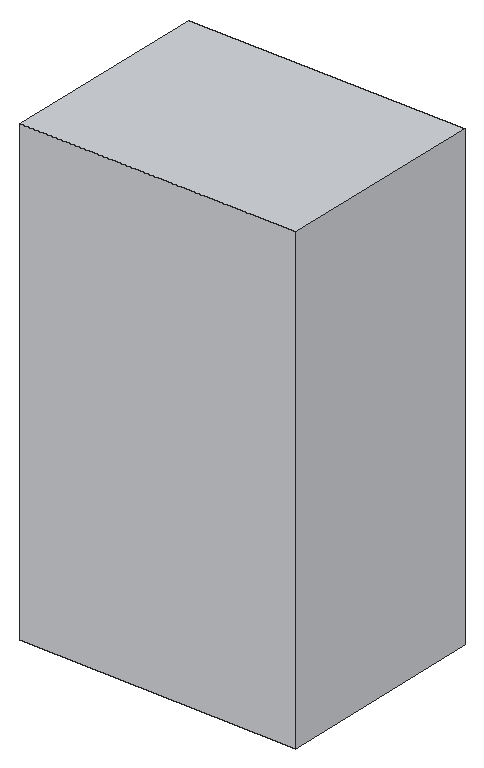
Revit family
Parameters
  Warranty Duration (Years) = 0
  URL = "http://www.americanspecialties.com/viewCategories.cfm"
  Body Material = Metal - Stainless Steel w/Satin
  Grab Bar Length [instance] = 1' - 0"
  Trim Material = Metal - Stainless Steel w/Satin
  Test Data = ""
  Specification = "http://www.arcat.com/sdspecs/htm/10810asi.htm"
  SpecWizard = ""
  Send Message = "http://www.arcat.com/users.pl?action=UserEmail&company=American%20Specialties,%20Inc.&coid=30448&rep=139&fax=914-476-0688&mf="
  Sales Information = "http://www.americanspecialties.com/contact"
  Revision = "R1_10-2010"
  Product Properties = "http://www.americanspecialties.com/datasheets/3800-W.pdf"
  Product Data = "http://www.arcat.com/arcatcos/cos30/arc30448.html"
  Model = "As Specified in 10 28 13"
  Manufacturer Website = "http://www.americanspecialties.com/viewCategories.cfm"
  Manufacturer Phone - Toll Free = ""
  Manufacturer Phone = "914-476-9000 "
  Manufacturer Fax = "914-476-0688"
  Manufacturer Address = "441 Saw Mill River Rd., Yonkers, NY 10701"
  Manufacturer = "American Specialties, Inc."
  Maintenance Schedule (Months) = 0
  Keynote = "10 28 13"
  Installation-Fabrication = "http://www.americanspecialties.com/products.cfm"
  Green Building-LEED = ""
  Expected Lifespan (Years) = 0
  Drawn By = "Robert S. Weygant. CSI, CDT, SCIP"  # constant formula
  Description = "Toilet Accessory as Specified in 10 28 13"
  Default Elevation = 4' - 0"
  Copyright = "©Arcat Inc."
  Construction Details = "http://www.arcat.com/green/clients/leed_data_30448.html"
  Building Codes = "http://www.americanspecialties.com/products.cfm"
  Assembly Code = "C1030210"
Reference planes (in)
  plane 1 "Center (Front/Back)": y = -0.29112
  plane 2 "Floor Line": z = 0
  plane 3 "Center (Left/Right)": x = -0.65843
  plane 4: x = -6.65843
  plane 5: x = 5.34157
Forms (in)
  Extrusion 1, solid
    sketch origin (-3.65843, -8.79112, -6) x (0, 0, -1) y (1, 0, 0)
      loop
        line (-82, 26) -> (-82, -19.34712) -> (-6, -19.34712) -> (-6, 26) -> (-82, 26)
    from 9 to -25.60721
  Sweep 2, solid, material "Metal - Stainless Steel w/Satin" <- "Body Material"
    path origin (0, -0.29112, 0) x (1, 0, 0) y (0, 0, 1)
      loop
        arc (-6.66189, 0) -> (-6.00288, 1.59099) -> (-4.41189, 2.25) r 2.25
        line (-4.41189, 2.25) -> (3.09503, 2.25)
        arc (3.09503, 2.25) -> (4.68602, 1.59099) -> (5.34503, 0) r 2.25
    profile origin (-0.65843, -0.29112, 2.25) x (0, 0, 1) y (0, -1, 0)
      loop
        circle (0, 0) r 0.75
  Revolve 3, solid, material "Metal - Stainless Steel w/Satin" <- "Body Material"
    sketch origin (-1.31687, -0.29112, 0) x (-1, 0, 0) y (0, 0, 1)
      loop
        line (-6.65843, 0.47413) -> (-5.15377, 0.40574)
        arc (-5.15377, 0.40574) -> (-5.09054, 0.37698) -> (-5.06468, 0.31251) r 0.09333
        line (-5.06468, 0.31251) -> (-5.06468, 0) -> (-5.03343, 0) -> (-5.03343, 0.31251)
        arc (-5.03343, 0.31251) -> (-5.06794, 0.39857) -> (-5.15235, 0.43695) r 0.12458
        line (-5.15235, 0.43695) -> (-6.65843, 0.50541) -> (-6.65843, 0.47413)
      axis (-6.65843, 0.50541) -> (-6.65843, 0)
    angle from 0 to 360
  Extrusion 4, solid, material "Metal - Stainless Steel w/Satin" <- "Body Material"
    sketch origin (0, 0, 0) x (1, 0, 0) y (0, 1, 0)
      loop
        arc (5.21788, 1.26648) -> (3.9884, 0.49013) -> (3.9308, -0.9628) r 1.5625
        arc (3.9308, -0.9628) -> (3.96026, -1.08861) -> (4.05449, -1.17703) r 0.22325
        arc (4.05449, -1.17703) -> (5.34157, -1.85362) -> (6.62864, -1.17703) r 1.5625
        arc (6.62864, -1.17703) -> (6.72287, -1.08861) -> (6.75233, -0.9628) r 0.22325
        arc (6.75233, -0.9628) -> (6.69473, 0.49013) -> (5.46525, 1.26648) r 1.5625
        arc (5.46525, 1.26648) -> (5.34157, 1.30387) -> (5.21788, 1.26648) r 0.22325
      loop
        circle (6.35704, -0.29112) r 0.1875
      loop
        circle (4.32609, -0.29112) r 0.1875
      loop
        circle (5.34157, -0.29112) r 0.75
    from 0 to 0.125
  Revolve 5, solid, material "Metal - Stainless Steel w/Satin" <- "Body Material"
    sketch origin (0, -0.29112, 0) x (1, 0, 0) y (0, 0, 1)
      loop
        line (-6.65843, 0.47413) -> (-5.15377, 0.40574)
        arc (-5.15377, 0.40574) -> (-5.09054, 0.37698) -> (-5.06468, 0.31251) r 0.09333
        line (-5.06468, 0.31251) -> (-5.06468, 0) -> (-5.03343, 0) -> (-5.03343, 0.31251)
        arc (-5.03343, 0.31251) -> (-5.06794, 0.39857) -> (-5.15235, 0.43695) r 0.12458
        line (-5.15235, 0.43695) -> (-6.65843, 0.50541) -> (-6.65843, 0.47413)
      axis (-6.65843, 0.50541) -> (-6.65843, 0)
    angle from 0 to 360
  Extrusion 6, solid, material "Metal - Stainless Steel w/Satin" <- "Body Material"
    sketch origin (-1.31687, 0, 0) x (-1, 0, 0) y (0, -1, 0)
      loop
        arc (5.21788, -1.26648) -> (5.34157, -1.30387) -> (5.46525, -1.26648) r 0.22325
        arc (5.46525, -1.26648) -> (6.69473, -0.49013) -> (6.75233, 0.9628) r 1.5625
        arc (6.75233, 0.9628) -> (6.72287, 1.08861) -> (6.62864, 1.17703) r 0.22325
        arc (6.62864, 1.17703) -> (5.34157, 1.85362) -> (4.05449, 1.17703) r 1.5625
        arc (4.05449, 1.17703) -> (3.96026, 1.08861) -> (3.9308, 0.9628) r 0.22325
        arc (3.9308, 0.9628) -> (3.9884, -0.49013) -> (5.21788, -1.26648) r 1.5625
      loop
        circle (6.35704, 0.29112) r 0.1875
      loop
        circle (4.32609, 0.29112) r 0.1875
      loop
        circle (5.34157, 0.29112) r 0.75
    from 0 to 0.125
Dimensions and locks (in)
  equal spacing: plane 4, plane 3 "Center (Left/Right)", plane 5
  "Grab Bar Length": plane 4 to plane 5
Automatic sketch dimensions
  Extrusion 1 sketch curve to Extrusion 1 sketch curve = 6' - 4"
  Extrusion 1 sketch curve to Extrusion 1 sketch curve = 3' - 9.34712"
  Sweep 2 sketch curve to level = 0' - 0"  (x2)
  Sweep 2 sketch curve to plane 4 = 0' - 0.00346"
  plane 4 to Sweep 2 sketch curve = 0' - 2.24654"
  Sweep 2 sketch curve to plane 5 = 0' - 2.24654"
  Sweep 2 sketch curve to plane 1 "Center (Front/Back)" = 0' - 0"
  Sweep 2 sketch curve to profile plane = 0' - 0"
  Revolve 3 sketch curve to Revolve 3 sketch curve = 0' - 0"  (x2)
  Revolve 3 sketch curve to plane 5 = 0' - 0"  (x2)
  Revolve 3 sketch curve to level = 0' - 0"
  Revolve 3 sketch curve to level = 0' - 0 5/16"
  plane 5 to Revolve 3 sketch curve = 0' - 1.50042"
  Revolve 3 sketch curve to Revolve 3 sketch curve = 0' - 0.00424"
  Revolve 3 sketch curve to Revolve 3 sketch curve = 0' - 0.00142"
  Revolve 3 sketch curve to Revolve 3 sketch curve = 0' - 0.09333"
  Revolve 3 sketch curve to Revolve 3 sketch curve = 0' - 0 1/32"
  level to Revolve 3 sketch curve = 1' - 0"
  Revolve 3 sketch curve to level = 0' - 0.47413"
  Revolve 3 sketch curve to Revolve 3 sketch curve = 0' - 0.03128"
  Revolve 3 sketch curve to Revolve 3 sketch curve = 7' - 11.49459"
  Extrusion 4 sketch curve to Extrusion 4 sketch curve = 0' - 0"  (x12)
  Extrusion 4 sketch curve to plane 1 "Center (Front/Back)" = 0' - 0"  (x3)
  Extrusion 4 sketch curve to plane 5 = 0' - 0"  (x2)
  Extrusion 4 sketch curve to plane 5 = 0' - 0.12369"
  Extrusion 4 sketch curve to Extrusion 4 sketch curve = 0' - 1.01548"
  Extrusion 4 sketch curve to Extrusion 4 sketch curve = 0' - 0.17249"  (x2)
  Extrusion 4 sketch curve to Extrusion 4 sketch curve = 0' - 0.09911"  (x2)
  Extrusion 4 sketch curve to Extrusion 4 sketch curve = 0' - 0.2228"  (x2)
  plane 5 to Extrusion 4 sketch curve = 0' - 0.12369"
  plane 5 to Extrusion 4 sketch curve = 0' - 1.01548"
  plane 1 "Center (Front/Back)" to Extrusion 4 sketch curve = 0' - 0.67168"
  Extrusion 4 sketch curve to Extrusion 4 sketch curve = 0' - 0.01419"
  Extrusion 4 sketch curve to Extrusion 4 sketch curve = 0' - 0.18585"
  Revolve 5 sketch curve to Revolve 5 sketch curve = 0' - 0"  (x2)
  Revolve 5 sketch curve to plane 4 = 0' - 0"  (x2)
  Revolve 5 sketch curve to level = 0' - 0"
  level to Revolve 5 sketch curve = 0' - 0 5/16"
  plane 4 to Revolve 5 sketch curve = 0' - 1.50042"
  Revolve 5 sketch curve to Revolve 5 sketch curve = 0' - 0.00424"
  Revolve 5 sketch curve to Revolve 5 sketch curve = 0' - 0.00142"
  Revolve 5 sketch curve to Revolve 5 sketch curve = 0' - 0.09333"
  Revolve 5 sketch curve to Revolve 5 sketch curve = 0' - 0 1/32"
  Revolve 5 sketch curve to level = 1' - 0"
  level to Revolve 5 sketch curve = 0' - 0.47413"
  Revolve 5 sketch curve to Revolve 5 sketch curve = 0' - 0.03128"
  Revolve 5 sketch curve to Revolve 5 sketch curve = 7' - 11.49459"
  Extrusion 6 sketch curve to Extrusion 6 sketch curve = 0' - 0"  (x12)
  Extrusion 6 sketch curve to plane 1 "Center (Front/Back)" = 0' - 0"  (x3)
  Extrusion 6 sketch curve to plane 4 = 0' - 0"  (x2)
  plane 4 to Extrusion 6 sketch curve = 0' - 0.12369"
  Extrusion 6 sketch curve to Extrusion 6 sketch curve = 0' - 1.01548"
  Extrusion 6 sketch curve to Extrusion 6 sketch curve = 0' - 0.17249"  (x2)
  Extrusion 6 sketch curve to Extrusion 6 sketch curve = 0' - 0.09911"  (x2)
  Extrusion 6 sketch curve to Extrusion 6 sketch curve = 0' - 0.2228"  (x2)
  Extrusion 6 sketch curve to plane 4 = 0' - 0.12369"
  Extrusion 6 sketch curve to plane 4 = 0' - 1.01548"
  Extrusion 6 sketch curve to plane 1 "Center (Front/Back)" = 0' - 1.37174"
  Extrusion 6 sketch curve to Extrusion 6 sketch curve = 0' - 0.18585"
  Extrusion 6 sketch curve to Extrusion 6 sketch curve = 0' - 0.01419"
  radius of Sweep 2 sketch curve = 0' - 0 3/4"
  radius of Extrusion 4 sketch curve = 0' - 0 3/16"  (x2)
  radius of Extrusion 4 sketch curve = 0' - 0 3/4"
  radius of Extrusion 6 sketch curve = 0' - 0 3/16"  (x2)
  radius of Extrusion 6 sketch curve = 0' - 0 3/4"
